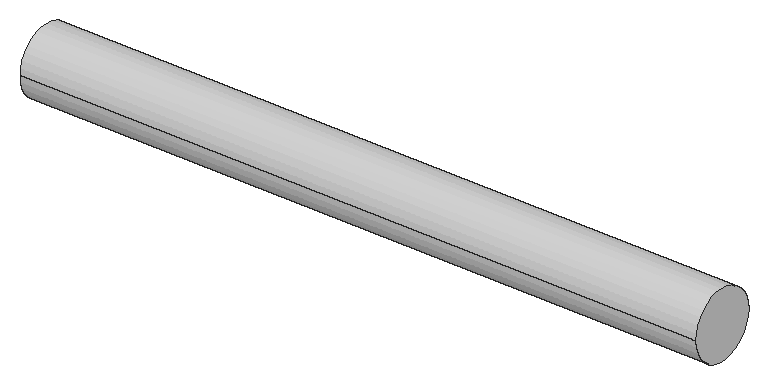
Revit family "TUBE 48-0,5_2125288", category Generic Models, Revit 2018
Family settings
  Can host rebar = No
  Round Connector Dimension = Use Diameter
  Part Type = Normal
  OmniClass Number = 35.51.17.00
  OmniClass Title = SCAFFOLDING SHORING AND FENCING
  Work Plane-Based = Yes
  Always vertical = No
  Cut with Voids When Loaded = No
  Shared = Yes
  Room Calculation Point = No
Parameters
  VERSION = "20190101"  # constant formula
  URL = "www.ulmaconstruction.com/en"
  UNICLASS = ""
  Model = ""
  ITEM_CODE = "2125288"
  Manufacturer = "ULMA CONSTRUCTION"  # constant formula
  FILTER [instance] = ""
  Default Elevation = 0 mm
  CLASSIFICATION_TITLE = ""
  CLASSIFICATION_NUMBER = ""
Reference planes
  plane 1 "Centro (Frontal/Posterior)": y = 0
  plane 2: z = 0
  plane 3 "Centro (Izquierda/Derecha)": x = 0
  plane 4 "ITEM_LENGTH": x = 500
Forms (mm)
  Extrusion 1, solid, material "ULMA ZINC", detail levels fine
    sketch origin (0, 0, 0) x (0, 1, 0) y (0, 0, 1)
      loop
        circle (0, 0) r 24.15
    from 0 to 500
Lines and regions (mm)
  model lines, style "ULMA FIXING ITEMS", detail levels fine
    curve 1: circle (0, 0, 0) r 21 normal (1, 0, 0)
    curve 3: circle (500, 0, 0) r 21 normal (1, 0, 0)
  model lines, style "ULMA FIXING ITEMS", detail levels coarse+medium
    curve 2: line (0, 0, 0) -> (500, 0, 0)
Dimensions and locks
  locked: plane 3 "Centro (Izquierda/Derecha)" to plane 4 "ITEM_LENGTH" at 500
  plane 4 "ITEM_LENGTH" to plane 3 "Centro (Izquierda/Derecha)" = 500 mm
  aligned and locked: level to plane 2
  aligned and locked: Extrusion 1 to plane 3 "Centro (Izquierda/Derecha)"
  aligned and locked: plane 4 "ITEM_LENGTH" to Extrusion 1
